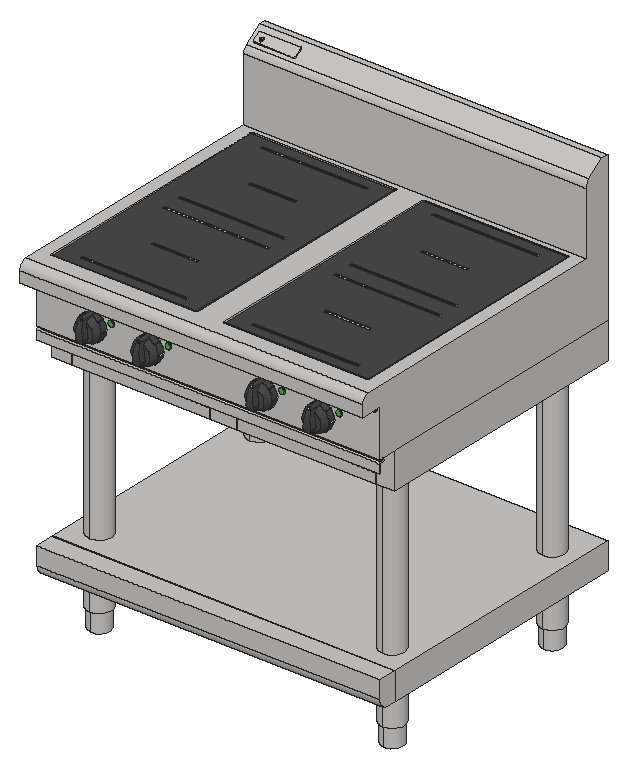
Revit family "QF_Moffat_IN8400R3-LS_Induction Cooktop_cat", category Specialty Equipment, Revit 2019 (continued)
Definition of nested family "QF_LOGO_Waldorf"
  Lines and regions (mm)
    Split face 8
      outline origin (0, -1.881, 2.589) x (1, 0, 0) y (0, 0.809017, 0.587785)
        loop
          spline (76.449, 7.654) -> (76.841, 7.725) -> (77.206, 7.934) -> (77.52, 8.267) -> (77.76, 8.701) -> (77.912, 9.206) -> (77.963, 9.749) -> (77.912, 10.291) -> (77.76, 10.796) -> (77.52, 11.23) -> (77.206, 11.563) -> (76.841, 11.772) -> (76.449, 11.843)
          spline (76.449, 11.843) -> (76.057, 11.772) -> (75.691, 11.563) -> (75.378, 11.23) -> (75.137, 10.796) -> (74.986, 10.291) -> (74.934, 9.749) -> (74.986, 9.206) -> (75.137, 8.701) -> (75.378, 8.267) -> (75.691, 7.934) -> (76.057, 7.725) -> (76.449, 7.654)
    Split face 9
      outline origin (0, -1.881, 2.589) x (1, 0, 0) y (0, 0.809017, 0.587785)
        loop
          line (86.998, 12.335) -> (86.998, 13.879) -> (83.479, 13.879) -> (83.479, 5.728) -> (87.312, 5.728) -> (87.312, 8.975)
          spline (87.312, 8.975) -> (87.364, 9.356) -> (87.458, 9.686) -> (87.594, 9.968) -> (87.769, 10.204) -> (87.982, 10.398) -> (88.229, 10.55) -> (88.509, 10.666) -> (88.82, 10.746) -> (89.16, 10.794) -> (89.525, 10.812) -> (89.915, 10.803) -> (90.327, 10.77)
          line (90.327, 10.77) -> (90.327, 14.113)
          spline (90.327, 14.113) -> (89.929, 14.127) -> (89.552, 14.111) -> (89.197, 14.066) -> (88.865, 13.991) -> (88.554, 13.887) -> (88.266, 13.754) -> (87.999, 13.591) -> (87.755, 13.399) -> (87.532, 13.177) -> (87.332, 12.926) -> (87.154, 12.645) -> (86.998, 12.335)
    Split face 10
      outline origin (0, -1.881, 2.589) x (1, 0, 0) y (0, 0.809017, 0.587785)
        loop
          line (92.082, 13.879) -> (90.894, 13.879) -> (90.894, 11.972) -> (92.082, 11.972) -> (92.082, 5.728) -> (95.871, 5.728) -> (95.871, 11.972) -> (97.5, 11.972) -> (97.5, 13.879) -> (95.871, 13.879)
          spline (95.871, 13.879) -> (95.843, 14.088) -> (95.845, 14.278) -> (95.877, 14.447) -> (95.939, 14.596) -> (96.03, 14.726) -> (96.151, 14.835) -> (96.301, 14.925) -> (96.482, 14.995) -> (96.692, 15.045) -> (96.931, 15.075) -> (97.201, 15.085) -> (97.5, 15.076)
          line (97.5, 15.076) -> (97.5, 17.266) -> (95.367, 17.266)
          spline (95.367, 17.266) -> (94.982, 17.253) -> (94.58, 17.21) -> (94.174, 17.132) -> (93.774, 17.013) -> (93.39, 16.846) -> (93.034, 16.627) -> (92.717, 16.349) -> (92.448, 16.007) -> (92.24, 15.595) -> (92.102, 15.106) -> (92.046, 14.537) -> (92.082, 13.879)
  Dimensions and locks
    equal spacing: plane 3 "LEFT", plane 7 "Center Y", plane 4 "RIGHT"
    "Length": plane 3 "LEFT" to plane 4 "RIGHT"
    equal spacing: plane 5 "FRONT", plane 8 "Center X", plane 1 "BACK"
    "Depth": plane 5 "FRONT" to plane 1 "BACK"
    "Height": plane 6 "TOP" to level
    plane 4 "RIGHT" to plane 3 "LEFT" = 138 mm
    aligned and locked: level to plane 2
  Automatic sketch dimensions
    Extrusion 1 sketch curve to plane 3 "LEFT" = 0 mm
    plane 3 "LEFT" to Extrusion 1 sketch curve = 4 mm  (x2)
    Extrusion 1 sketch curve to Extrusion 1 sketch curve = 10.75 mm
    Extrusion 1 sketch curve to Extrusion 1 sketch curve = 0.5 mm
    plane 4 "RIGHT" to Extrusion 1 sketch curve = 33 mm
    Extrusion 1 sketch curve to Extrusion 1 sketch curve = 0 mm  (x3)
    Extrusion 1 sketch curve to Extrusion 1 sketch curve = 4 mm
    Extrusion 1 sketch curve to Extrusion 1 sketch curve = 3.464 mm  (x3)
    Extrusion 1 sketch curve to Extrusion 1 sketch curve = 3.541 mm
    Extrusion 1 sketch curve to Extrusion 1 sketch curve = 4.325 mm
    Extrusion 1 sketch curve to Extrusion 1 sketch curve = 19.783 mm
    Extrusion 1 sketch curve to Extrusion 1 sketch curve = 7.592 mm
    plane 3 "LEFT" to Extrusion 2 sketch curve = 15.25 mm
    Extrusion 2 sketch curve to Extrusion 2 sketch curve = 4.325 mm
    plane 3 "LEFT" to Extrusion 3 sketch curve = 14.75 mm
    Extrusion 3 sketch curve to Extrusion 3 sketch curve = 4.325 mm
    Extrusion 1 to Split face 1 sketch curve = 6.879 mm
    Split face 1 sketch curve to Extrusion 1 = 5.728 mm
    Split face 1 sketch curve to Split face 1 sketch curve = 3.132 mm
    Split face 1 sketch curve to Split face 1 sketch curve = 4.068 mm
    Split face 1 sketch curve to Split face 1 sketch curve = 3.051 mm
    Split face 1 sketch curve to Split face 1 sketch curve = 4.203 mm
    Split face 1 sketch curve to Split face 1 sketch curve = 2.916 mm
    Split face 1 sketch curve to Split face 1 sketch curve = 3.456 mm
    Split face 1 sketch curve to Split face 1 sketch curve = 2.934 mm
    Split face 1 sketch curve to Split face 1 sketch curve = 4.131 mm
    Split face 1 sketch curve to Split face 1 sketch curve = 3.96 mm
    Split face 1 sketch curve to Split face 1 sketch curve = 0 mm  (x2)
    Split face 1 sketch curve to Extrusion 1 = 9.736 mm  (x2)
    Extrusion 1 to Split face 1 sketch curve = 6.337 mm
    Extrusion 1 to Split face 1 sketch curve = 6.231 mm
    Extrusion 1 to Split face 1 sketch curve = 3.184 mm
    Extrusion 1 to Split face 1 sketch curve = 13.135 mm
    Split face 1 sketch curve to Split face 1 sketch curve = 4.652 mm
    Split face 1 sketch curve to Split face 1 sketch curve = 3.593 mm
    Split face 1 sketch curve to Split face 1 sketch curve = 1.863 mm
    Split face 1 sketch curve to Split face 1 sketch curve = 0.713 mm
    Split face 1 sketch curve to Split face 1 sketch curve = 2.684 mm
    Split face 1 sketch curve to Split face 1 sketch curve = 3.294 mm
    Split face 1 sketch curve to Split face 1 sketch curve = 0.459 mm
    Split face 1 sketch curve to Split face 1 sketch curve = 2.775 mm
    Split face 1 sketch curve to Split face 1 sketch curve = 1.89 mm
    Split face 1 sketch curve to Split face 1 sketch curve = 0.685 mm
    Split face 1 sketch curve to Split face 1 sketch curve = 9.486 mm
    Split face 1 sketch curve to Split face 1 sketch curve = 16.213 mm
    Split face 1 sketch curve to Split face 1 sketch curve = 3.48 mm
    Split face 1 sketch curve to Split face 1 sketch curve = 4.918 mm
    Split face 1 sketch curve to Split face 1 sketch curve = 7.609 mm
    Split face 1 sketch curve to Split face 1 sketch curve = 0.01 mm  (x2)
    Split face 1 sketch curve to Split face 1 sketch curve = 0.002 mm
    Split face 2 sketch curve to Extrusion 1 = 11.169 mm
    Extrusion 1 to Split face 2 sketch curve = 25.647 mm
    Split face 2 sketch curve to Split face 2 sketch curve = 3.72 mm
    Split face 2 sketch curve to Extrusion 1 = 11.965 mm
    Split face 2 sketch curve to Split face 2 sketch curve = 0.371 mm
    Split face 2 sketch curve to Extrusion 1 = 6.602 mm
    Split face 2 sketch curve to Split face 2 sketch curve = 2.689 mm
    Split face 2 sketch curve to Split face 2 sketch curve = 0.318 mm
    Split face 2 sketch curve to Split face 2 sketch curve = 3.729 mm
    Split face 2 sketch curve to Split face 2 sketch curve = 0.414 mm
    Split face 2 sketch curve to Split face 2 sketch curve = 0.875 mm
    Split face 2 sketch curve to Split face 2 sketch curve = 0.878 mm
    Split face 3 sketch curve to Extrusion 1 = 8.597 mm
    Extrusion 1 to Split face 3 sketch curve = 29.688 mm
    Split face 3 sketch curve to Extrusion 1 = 9.264 mm
    Split face 3 sketch curve to Split face 3 sketch curve = 2.326 mm
    Split face 4 sketch curve to Extrusion 1 = 5.728 mm
    Extrusion 1 to Split face 4 sketch curve = 38.08 mm
    Split face 4 sketch curve to Split face 4 sketch curve = 3.843 mm
    Split face 4 sketch curve to Extrusion 1 = 9.736 mm
    Split face 5 sketch curve to Extrusion 1 = 9.736 mm
    Split face 5 sketch curve to Extrusion 1 = 43.205 mm
    Split face 5 sketch curve to Extrusion 1 = 6.679 mm
    Split face 5 sketch curve to Split face 5 sketch curve = 0.342 mm
    Split face 5 sketch curve to Split face 5 sketch curve = 3.375 mm
    Split face 5 sketch curve to Split face 5 sketch curve = 0.952 mm
    Split face 5 sketch curve to Split face 5 sketch curve = 3.998 mm
    Split face 6 sketch curve to Extrusion 1 = 7.499 mm
    Split face 6 sketch curve to Extrusion 1 = 44.727 mm
    Split face 6 sketch curve to Split face 6 sketch curve = 2.07 mm
    Split face 7 sketch curve to Extrusion 1 = 5.305 mm
    Split face 7 sketch curve to Extrusion 1 = 32.551 mm
    Split face 7 sketch curve to Split face 7 sketch curve = 4.443 mm
    Split face 8 sketch curve to Extrusion 1 = 7.654 mm
    Split face 8 sketch curve to Extrusion 1 = 32.551 mm
    Split face 8 sketch curve to Split face 8 sketch curve = 2.095 mm
    Split face 9 sketch curve to Extrusion 1 = 5.728 mm
    Split face 9 sketch curve to Extrusion 1 = 25.521 mm
    Split face 9 sketch curve to Split face 9 sketch curve = 3.519 mm
    Split face 9 sketch curve to Split face 9 sketch curve = 0.315 mm
    Split face 9 sketch curve to Split face 9 sketch curve = 3.33 mm
    Split face 9 sketch curve to Split face 9 sketch curve = 3.248 mm
    Split face 9 sketch curve to Split face 9 sketch curve = 1.795 mm
    Split face 9 sketch curve to Split face 9 sketch curve = 3.36 mm
    Split face 9 sketch curve to Split face 9 sketch curve = 1.545 mm
    Split face 9 sketch curve to Split face 9 sketch curve = 0.233 mm
    Split face 10 sketch curve to Extrusion 1 = 18.106 mm
    Split face 10 sketch curve to Split face 10 sketch curve = 1.188 mm  (x2)
    Split face 10 sketch curve to Split face 10 sketch curve = 3.285 mm
    Split face 10 sketch curve to Split face 10 sketch curve = 3.789 mm
    Split face 10 sketch curve to Split face 10 sketch curve = 0 mm  (x2)
    Split face 10 sketch curve to Split face 10 sketch curve = 1.629 mm
    Split face 10 sketch curve to Split face 10 sketch curve = 2.133 mm
    Split face 10 sketch curve to Extrusion 1 = 5.728 mm
    Split face 10 sketch curve to Split face 10 sketch curve = 6.245 mm
    Split face 10 sketch curve to Split face 10 sketch curve = 1.907 mm  (x2)
    Split face 10 sketch curve to Split face 10 sketch curve = 1.197 mm
    Split face 10 sketch curve to Split face 10 sketch curve = 2.19 mm
Definition of nested family "Knob"
  Parameters (values of type "Knob")
    Weight in Pounds = 0
    URL Cutsheet = ""
    Specification by User = ""
    Specification by Manufacturer = ""
    Serial Number = ""
    Seismic Rating = ""
    SMACNA No = ""
    Revision Code = ""
    NAFEM Spec ID Number = ""
    Masterspec = ""
    Length = 65 mm
    Item Number = ""
    Installed By = ""
    Identify Quantity as Lot = yes
    Height = 69.5 mm
    Furnished By = ""
    Foodservice Equipment Identifier = yes
    Depth = 59 mm
    CSI MasterFormat = ""
  Reference planes
    plane 1 "BACK": y = 0
    plane 2: z = 0
    plane 3 "LEFT": x = 0
    plane 4 "RIGHT": x = 65
    plane 5 "FRONT": y = -59
    plane 6 "TOP": z = 69.5
    plane 7 "Center Y": x = 32.5
    plane 8 "Center X": y = -29.5
  Forms (mm)
    Revolve 1, solid
      sketch origin (32.5, 175.397, 1219.2) x (0, 1, 0) y (0, 0, 1)
        loop
          line (-175.397, -1186.7) -> (-219.397, -1186.7) -> (-219.397, -1211.501) -> (-202.106, -1219.2) -> (-185.397, -1219.2) -> (-185.397, -1191.7) -> (-175.397, -1191.7) -> (-175.397, -1186.7)
        axis (-219.397, -1186.7) -> (-175.397, -1186.7)
      angle from 0 to 360
    Extrusion 2, solid
      sketch origin (32.5, 175.397, 1219.2) x (0, 1, 0) y (0, 0, 1)
        loop
          line (-202.106, -1154.2) -> (-185.397, -1154.2) -> (-185.397, -1149.7) -> (-224.105, -1149.7)
          arc (-224.105, -1149.7) -> (-233.965, -1178.467) -> (-230.696, -1208.7) r 70
          line (-230.696, -1208.7) -> (-219.397, -1208.7) -> (-219.397, -1161.899) -> (-202.106, -1154.2)
      from -15 to 15
    Extrusion 3, void
      sketch origin (0, 0, 0) x (1, 0, 0) y (0, 0, 1)
        loop
          line (27.501, 64.613) -> (22.02, 20.585)
          arc (22.02, 20.585) -> (32.792, 10.488) -> (42.986, 21.169) r 10.487
          line (42.986, 21.169) -> (37.499, 64.613)
          arc (37.499, 64.613) -> (32.5, 69.5) -> (27.501, 64.613) r 5
        loop
          line (10, 72.977) -> (10, 5.625) -> (55, 5.625) -> (55, 72.977) -> (10, 72.977)
      from 6.142 to 69.687
    Extrusion 4, solid
      sketch origin (0, -34.115, -16.916) x (1, 0, 0) y (0, 0.45399, 0.891007)
        loop
          circle (32.497, 65) r 2
      from 51.525 to 53.075
    Extrusion 5, solid
      sketch origin (32.5, -10, 32.5) x (0, 0, -1) y (-1, 0, 0)
        loop
          line (-23.54, -22.408) -> (-24.106, -22.974)
          arc (-24.106, -22.974) -> (-23.547, -23.547) -> (-22.974, -24.106) r 33.3
          line (-22.974, -24.106) -> (-22.408, -23.54)
          arc (-22.408, -23.54) -> (-22.981, -22.981) -> (-23.54, -22.408) r 32.5
        loop
          arc (-0.8, -33.29) -> (0, -33.3) -> (0.8, -33.29) r 33.3
          line (0.8, -33.29) -> (0.8, -32.49)
          arc (0.8, -32.49) -> (0, -32.5) -> (-0.8, -32.49) r 32.5
          line (-0.8, -32.49) -> (-0.8, -33.29)
        loop
          arc (23.54, -22.408) -> (22.981, -22.981) -> (22.408, -23.54) r 32.5
          line (22.408, -23.54) -> (22.974, -24.106)
          arc (22.974, -24.106) -> (23.547, -23.547) -> (24.106, -22.974) r 33.3
          line (24.106, -22.974) -> (23.54, -22.408)
        loop
          arc (-23.54, 22.408) -> (-22.981, 22.981) -> (-22.408, 23.54) r 32.5
          line (-22.408, 23.54) -> (-22.974, 24.106)
          arc (-22.974, 24.106) -> (-23.547, 23.547) -> (-24.106, 22.974) r 33.3
          line (-24.106, 22.974) -> (-23.54, 22.408)
        loop
          line (-0.8, 33.29) -> (-0.8, 32.49)
          arc (-0.8, 32.49) -> (0, 32.5) -> (0.8, 32.49) r 32.5
          line (0.8, 32.49) -> (0.8, 33.29)
          arc (0.8, 33.29) -> (0, 33.3) -> (-0.8, 33.29) r 33.3
        loop
          line (32.49, -0.8) -> (33.29, -0.8)
          arc (33.29, -0.8) -> (33.3, 0) -> (33.29, 0.8) r 33.3
          line (33.29, 0.8) -> (32.49, 0.8)
          arc (32.49, 0.8) -> (32.5, 0) -> (32.49, -0.8) r 32.5
        loop
          arc (24.106, 22.974) -> (23.547, 23.547) -> (22.974, 24.106) r 33.3
          line (22.974, 24.106) -> (22.408, 23.54)
          arc (22.408, 23.54) -> (22.981, 22.981) -> (23.54, 22.408) r 32.5
          line (23.54, 22.408) -> (24.106, 22.974)
      from 0 to -16.709
  Cuts and joins
    Extrusion 3 cuts Extrusion 2
  Dimensions and locks
    equal spacing: plane 3 "LEFT", plane 7 "Center Y", plane 4 "RIGHT"
    "Length": plane 3 "LEFT" to plane 4 "RIGHT"
    equal spacing: plane 5 "FRONT", plane 8 "Center X", plane 1 "BACK"
    "Depth": plane 5 "FRONT" to plane 1 "BACK"
    "Height": plane 6 "TOP" to level
    plane 4 "RIGHT" to plane 3 "LEFT" = 65 mm
    aligned and locked: level to plane 2
  Automatic sketch dimensions
    Revolve 1 sketch curve to level = 0 mm
    Revolve 1 sketch curve to plane 1 "BACK" = 0 mm  (x2)
    plane 1 "BACK" to Revolve 1 sketch curve = 10 mm
    plane 8 "Center X" to Revolve 1 sketch curve = 2.791 mm
    Revolve 1 sketch curve to plane 8 "Center X" = 14.5 mm
    level to Revolve 1 sketch curve = 7.699 mm
    level to Revolve 1 sketch curve = 27.5 mm
    Revolve 1 sketch curve to Revolve 1 sketch curve = 5 mm
    Revolve 1 sketch curve to Revolve 1 sketch curve = 35 mm
    Revolve 1 sketch curve to Revolve 1 sketch curve = 0 mm
    Extrusion 2 sketch curve to plane 6 "TOP" = 0 mm
    Extrusion 2 sketch curve to plane 5 "FRONT" = 3.702 mm
    Extrusion 2 sketch curve to plane 5 "FRONT" = 10.293 mm
    Extrusion 2 sketch curve to Extrusion 2 sketch curve = 11.298 mm
    plane 8 "Center X" to Extrusion 2 sketch curve = 2.791 mm
    plane 1 "BACK" to Extrusion 2 sketch curve = 10 mm
    Extrusion 2 sketch curve to plane 1 "BACK" = 11 mm
    Extrusion 2 sketch curve to plane 6 "TOP" = 4.5 mm
    Extrusion 2 sketch curve to plane 6 "TOP" = 12.199 mm
    level to Extrusion 2 sketch curve = 32.962 mm
    level to Extrusion 3 sketch curve = 5.625 mm
    Extrusion 3 sketch curve to plane 7 "Center Y" = 0 mm  (x2)
    Extrusion 3 sketch curve to plane 7 "Center Y" = 4.999 mm
    Extrusion 3 sketch curve to plane 7 "Center Y" = 10.48 mm
    plane 6 "TOP" to Extrusion 3 sketch curve = 3.477 mm
    plane 3 "LEFT" to Extrusion 3 sketch curve = 10 mm
    Extrusion 3 sketch curve to plane 6 "TOP" = 4.887 mm
    Extrusion 3 sketch curve to Extrusion 3 sketch curve = 4.999 mm
    plane 7 "Center Y" to Extrusion 3 sketch curve = 10.486 mm
    level to Extrusion 3 sketch curve = 20.585 mm
    Extrusion 3 sketch curve to Extrusion 3 sketch curve = 0.387 mm
    Extrusion 3 sketch curve to Extrusion 3 sketch curve = 0.113 mm
    plane 4 "RIGHT" to Extrusion 3 sketch curve = 10 mm
    Extrusion 5 sketch curve to Revolve 1 = 32.49 mm
    Revolve 1 to Extrusion 5 sketch curve = 32.49 mm
    Extrusion 5 sketch curve to Revolve 1 = 23.54 mm  (x2)
    Revolve 1 to Extrusion 5 sketch curve = 23.54 mm  (x2)
    Extrusion 5 sketch curve to Revolve 1 = 24.106 mm  (x2)
    Revolve 1 to Extrusion 5 sketch curve = 24.106 mm  (x2)
    Revolve 1 to Extrusion 5 sketch curve = 22.408 mm  (x2)
    Extrusion 5 sketch curve to Revolve 1 = 22.408 mm  (x2)
    Revolve 1 to Extrusion 5 sketch curve = 22.974 mm  (x2)
    Extrusion 5 sketch curve to Revolve 1 = 22.974 mm  (x2)
    Extrusion 5 sketch curve to Extrusion 5 sketch curve = 1.6 mm  (x2)
    Revolve 1 to Extrusion 5 sketch curve = 0.8 mm
    Extrusion 5 sketch curve to Revolve 1 = 0.8 mm
    Extrusion 4 sketch curve to plane 7 "Center Y" = 0.003 mm
    radius of Extrusion 5 sketch curve to Revolve 1 = 0 mm  (x7)
    radius of Revolve 1 to Extrusion 5 sketch curve = 0.8 mm  (x7)
    radius of Extrusion 4 sketch curve = 2 mm
Types (2, lengths in mm): name | Volts | Model | Cycle | Apparent Power
  INB8400R3-LS_415/60/3 | 415 V | "IN8400R3-LS" | 60 Hz | 14359 VA
  INB8400R3-LS_400/50/3 | 400 V | "INB8400R3-LS" | 50 Hz | 13840 VA
